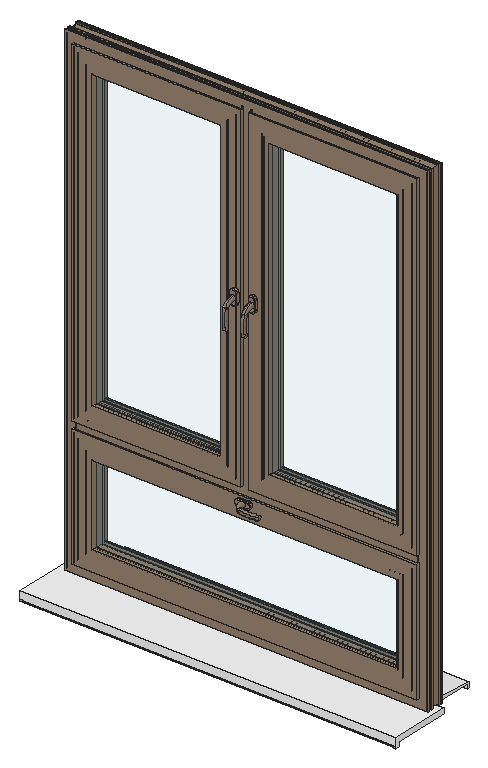
Revit family "7_Окно двухстворчатое с горизонтальным импостом (2 створки сверху)_V72", category Окна, Revit 2019
Family settings
  Основа = Стена
  Номер OmniClass = 23.30.20.17.11
  Заголовок OmniClass = Fixed Windows
  Всегда вертикально = Да
  При загрузке вырезать с полостями = Нет
  Общий = Нет
  Точка расчета площади = Нет
Parameters (values of type "V72")
  Ширина створки прав [instance] = 750.00 mm
  Ширина створки лев [instance] = 750.00 mm
  Width [instance] = 0.00 mm  # constant formula
  Четверть.Ширина [instance] = 65.00 mm
  Четверть.Высота [instance] = 65.00 mm
  Четверть Правая.Видимость [instance] = yes
  Четверть Правая [instance] = if(and(Четверть Правая.Видимость, Четверть), Четверть.Ширина, 0.00 mm)  # 65.00 mm
  Четверть Левая.Видимость [instance] = yes
  Четверть Левая [instance] = if(and(Четверть Левая.Видимость, Четверть), Четверть.Ширина, 0.00 mm)  # 65.00 mm
  Четверть [instance] = yes
  Четверть.Верхняя [instance] = if(Четверть, Четверть.Высота, 0.00 mm)  # 65.00 mm
  Монтажный зазор. Передний [instance] = 10.00 mm
  Монтаж.зазор Низ [instance] = 40.00 mm
  Монтажный зазор.Верх [instance] = 25.00 mm
  VIDNAL_Ширина проема [instance] = ADSK_Ширина рамы + Монтажный зазор.Правый + Монтажный зазор.Левый  # 1550.00 mm
  VIDNAL_Цвет конструкции = ""
  VIDNAL_Фурнитура [instance] = ""
  VIDNAL_Формула стеклопакета [instance] = ""
  VIDNAL_Толщина стеклопакета [instance] = ""
  VIDNAL_Сопротивление ветровой нагрузке = ""
  VIDNAL_Система профилей [instance] = "V72"  # constant formula
  VIDNAL_Площадь изделия [instance] = ADSK_Ширина рамы * ADSK_Высота рамы  # 3.00 m²
  VIDNAL_Звукоизоляция [instance] = ""
  VIDNAL_Высота проема [instance] = ADSK_Высота рамы + Монтажный зазор.Верх + Монтаж.зазор Низ  # 2065.00 mm
  VIDNAL_Створка высота [instance] = 500.00 mm
  Глубина профиля [instance] = 72.00 mm
  Rough Width = 0.00 mm  # constant formula
  Rough Height = 0.00 mm  # constant formula
  Подоконник.Видимость [instance] = yes
  Подоконник = АС_Окна_ПВХСветлосерыйМатовый
  Отлив.Видимость [instance] = yes
  Откосы.Глубина [instance] = 150.00 mm
  Описание = "Окно"
  Обозначение = "ГОСТ 21519-2003"
  Наименование = ""
  Монтажный зазор.Правый [instance] = if(Четверть Правая.Видимость, Монтажный зазор.Боковой, 0.00 mm)  # 25.00 mm
  Монтажный зазор.Левый [instance] = if(Четверть Левая.Видимость, Монтажный зазор.Боковой, 0.00 mm)  # 25.00 mm
  Монтажный зазор.Боковой [instance] = 25.00 mm
  Марка проема [instance] = ""
  Model = ""
  Стекло = АС_Стекло
  Рама = Aluminum
  Отлив = АС_Металл_ОкрашенныйБелыйМатовый
  Type Comments = ""
  Assembly Code = ""
  Высота подоконника по умолчанию = 800.00 mm
  Wall Closure = (empty or 0)
  Height [instance] = 0.00 mm  # constant formula
  Аналитическая конструкция = "<Нет>"
  VIDNAL_Возухопроницаемость [instance] = ""
  VIDNAL_Водонепроницаемость [instance] = ""
  VIDNAL_Rприв. профиля со стеклопакетом [instance] = ""
  ADSK_Ширина рамы [instance] = 1500.00 mm
  ADSK_Позиция [instance] = ""
  ADSK_Завод-изготовитель [instance] = "VIDNAL"  # constant formula
  ADSK_Высота рамы [instance] = 2000.00 mm
Reference planes
  plane 1 "ПД": y = -40
  plane 2: z = 0
  plane 3 "Слева": x = -988.1
  plane 4 "Справа": x = 561.9
  plane 5 "Подоконник": z = 800
  plane 6 "ВЕРХ": z = 2865
  plane 7 "Внутренняя": y = -190
  plane 8 "Вставка окна": y = 32
  plane 9 "четверть прав": x = 496.9
  plane 10 "четверть верх": z = 2800
  plane 11 "рама лев": x = -963.1
  plane 12 "рама прав": x = 536.9
  plane 13 "рама верх": z = 2840
  plane 14: y = -240
  plane 15 "Подоконник, отлив": y = 12
  plane 16: y = 190
  plane 17 "отлив прав": y = 220
  plane 18 "TT": y = 42
  plane 19 "ось импоста гор": z = 1392.498
  plane 20 "рама низ": z = 840
  plane 21 "створка лев": x = -925.852
  plane 22 "низ створки ниж": z = 877.248
  plane 23 "верх створки ниж": z = 1377.248
  plane 24 "створка прав": x = 499.652
  plane 25 "низ створки верхней": z = 1407.748
  plane 26 "верх створки верхн": z = 2802.752
  plane 27 "четверть левая": x = -923.1
  plane 28 "уровень отлива": z = 820
  plane 29 "импост низ": z = 1408.748
  plane 30 "импост верх": z = 2814.75
  plane 31: x = -213.1
  plane 32: x = -228.35
  plane 33: x = -197.85
Forms (mm)
  Extrusion 1, void, detail levels medium+fine
    sketch origin (0, 42, 0) x (0, 0, 1) y (-1, 0, 0)
      loop
        line (2865, -561.9) -> (2865, 988.1) -> (800, 988.1) -> (800, -561.9) -> (2865, -561.9)
    from 0 to 1000
  Extrusion 2, void
    sketch origin (0, 32, 0) x (0, 0, -1) y (-1, 0, 0)
      loop
        line (-2800, -496.9) -> (-800, -496.9) -> (-800, 923.1) -> (-2800, 923.1) -> (-2800, -496.9)
    from -100 to 500
  Sweep 3, solid, material "Aluminum" <- "Рама"
    path origin (0, 32, -30) x (0, 0, -1) y (-1, 0, 0)
      loop
        line (-2870, 963.1) -> (-2870, -536.9) -> (-870, -536.9) -> (-870, 963.1) -> (-2870, 963.1)
    profile "Профиль рамы V72 (R19) : Профиль рамы V72 (R19)" origin (-963.1, 32, 1840) x (-1, 0, 0) y (0, 1, 0)
      loop
        line (-37.021, -25.058) -> (-7.134, -25.058) -> (-7.134, -14) -> (-37.021, -14) -> (-37.021, -25.058)
      loop
        line (-37.021, -48) -> (-7.134, -48) -> (-7.134, -39.591) -> (-37.021, -39.591) -> (-37.021, -48)
      loop
        line (-37.021, -38.383) -> (-7.134, -38.383) -> (-7.134, -26.243) -> (-37.021, -26.243) -> (-37.021, -38.383)
      loop
        line (-7, -12.3) -> (-7, -1.5) -> (-37.498, -1.5) -> (-37.498, -12.3) -> (-7, -12.3)
      loop
        line (-6.748, -70.25) -> (-6.748, -49.75) -> (-37.248, -49.75) -> (-37.248, -70.25) -> (-6.748, -70.25)
      loop
        line (0.002, -72) -> (0.002, -67.879) -> (-1.998, -67.879) -> (-1.998, -70.25) -> (-4.998, -70.25) -> (-4.998, -52) -> (-1.998, -52) -> (-1.998, -53.5) -> (0.002, -53.5) -> (0.002, -48) -> (-1.998, -48) -> (-1.998, -50.25) -> (-4.996, -50.25) -> (-4.996, -13.988) -> (-1.997, -14) -> (-1.997, -15.5) -> (0.003, -15.5) -> (0.003, -11.5) -> (-1.497, -11.5) -> (-1.497, -12.5) -> (-5, -12.5) -> (-5, -1.5) -> (-1.5, -1.5) -> (-1.5, -2.5) -> (0, -2.5) -> (0, 0) -> (-65.998, 0) -> (-65.998, -4.2) -> (-58.998, -4.2) -> (-58.998, -1.5) -> (-38.998, -1.5) -> (-38.998, -12.5) -> (-41.998, -12.5) -> (-41.998, -10.908) -> (-43.998, -10.908) -> (-43.998, -15.5) -> (-41.998, -15.5) -> (-41.998, -14) -> (-38.998, -14) -> (-38.998, -50.25) -> (-41.998, -50.25) -> (-41.998, -48.52) -> (-43.998, -48.5) -> (-43.998, -53.5) -> (-41.998, -53.5) -> (-41.998, -52) -> (-38.998, -52) -> (-38.998, -70.25) -> (-41.998, -70.25) -> (-41.998, -67.978) -> (-43.998, -67.978) -> (-43.998, -72) -> (0.002, -72)
  Sweep 4, solid, material "Aluminum" <- "Рама"
    path origin (0, 32, 0) x (0, 0, -1) y (-1, 0, 0)
      loop
        line (-1392.498, 928.852) -> (-1392.498, -502.652)
    profile "Профиль импоста : Профиль импоста" origin (-213.1, 32, 1392.498) x (0, 0, -1) y (0, 1, 0)
      loop
        line (-15.25, -10) -> (-15.25, -48) -> (15.25, -48) -> (15.25, -10) -> (-15.25, -10)
      loop
        line (-15.25, -49.75) -> (-15.25, -70.25) -> (15.25, -70.25) -> (15.25, -49.75) -> (-15.25, -49.75)
      loop
        line (-15.25, -1.75) -> (-15.25, -8.25) -> (15.25, -8.25) -> (15.25, -1.75) -> (-15.25, -1.75)
      loop
        line (-44, 0) -> (-44, -4.2) -> (-35.5, -4.2) -> (-35.5, -1.5) -> (-17, -1.5) -> (-17, -8.5) -> (-20, -8.5) -> (-20, -7.5) -> (-22, -7.5) -> (-22, -11.5) -> (-20, -11.5) -> (-20, -10) -> (-17, -10) -> (-17, -14.231) -> (-20.5, -14.231) -> (-20.5, -18.313) -> (-18.5, -18.313) -> (-18.5, -16.063) -> (-17, -16.063) -> (-17, -33.174) -> (-18.5, -33.174) -> (-18.5, -30.924) -> (-20.5, -30.924) -> (-20.5, -35.006) -> (-17, -35.006) -> (-17, -50.25) -> (-20, -50.25) -> (-20, -48) -> (-22, -48) -> (-22, -54.8) -> (-20, -54.8) -> (-20, -52.31) -> (-17, -52.31) -> (-17, -70.25) -> (-20, -70.25) -> (-20, -66.8) -> (-22, -66.8) -> (-22, -72) -> (22, -72) -> (22, -66.8) -> (20, -66.8) -> (20, -70.25) -> (17, -70.25) -> (17, -52.31) -> (20, -52.31) -> (20, -54.8) -> (22, -54.8) -> (22, -48) -> (20, -48) -> (20, -50.25) -> (17, -50.25) -> (17, -35.006) -> (20.5, -35.006) -> (20.5, -30.924) -> (18.5, -30.924) -> (18.5, -33.174) -> (17, -33.174) -> (17, -16.063) -> (18.5, -16.063) -> (18.5, -18.313) -> (20.5, -18.313) -> (20.5, -14.231) -> (17, -14.231) -> (17, -10) -> (20, -10) -> (20, -11.5) -> (22, -11.5) -> (22, -7.5) -> (20, -7.5) -> (20, -8.5) -> (17, -8.5) -> (17, -1.5) -> (35.5, -1.5) -> (35.5, -4.2) -> (44, -4.2) -> (44, 0) -> (-44, 0)
  Extrusion 5, solid, material "АС_Окна_ПВХСветлосерыйМатовый" <- "Подоконник", visible <- "Подоконник.Видимость"
    sketch origin (906.9, -410, 45) x (0, 0, 1) y (0, -1, 0)
      loop
        line (795, -422) -> (795, -170) -> (762, -170)
        arc (762, -170) -> (757.05, -172.05) -> (755, -177) r 7
        line (755, -177) -> (755, -188.375) -> (775, -188.375) -> (775, -422) -> (795, -422)
    from -345 to -1895
  Extrusion 6, solid, visible <- "Отлив.Видимость"
    sketch origin (-918.1, 42.774, 211.776) x (0, 1, 0) y (0, 0, 1)
      loop
        line (-30.774, 608.224) -> (172.226, 608.224) -> (172.226, 588.224) -> (177.226, 588.224) -> (177.226, 611.937) -> (-30.774, 625.05) -> (-30.774, 608.224)
    from -5 to 1415
  Sweep 7, solid, material "Aluminum" <- "Рама"
    path origin (1761.4, 32, 2887.6) x (1, 0, 0) y (0, 0, -1)
      loop
        line (-1974.5, 1478.852) -> (-1974.5, 72.85)
    profile "Профиль импоста : Профиль импоста" origin (-213.1, 32, 2111.749) x (1, 0, 0) y (0, 1, 0)
      loop
        line (-15.25, -10) -> (-15.25, -48) -> (15.25, -48) -> (15.25, -10) -> (-15.25, -10)
      loop
        line (-15.25, -49.75) -> (-15.25, -70.25) -> (15.25, -70.25) -> (15.25, -49.75) -> (-15.25, -49.75)
      loop
        line (-15.25, -1.75) -> (-15.25, -8.25) -> (15.25, -8.25) -> (15.25, -1.75) -> (-15.25, -1.75)
      loop
        line (-44, 0) -> (-44, -4.2) -> (-35.5, -4.2) -> (-35.5, -1.5) -> (-17, -1.5) -> (-17, -8.5) -> (-20, -8.5) -> (-20, -7.5) -> (-22, -7.5) -> (-22, -11.5) -> (-20, -11.5) -> (-20, -10) -> (-17, -10) -> (-17, -14.231) -> (-20.5, -14.231) -> (-20.5, -18.313) -> (-18.5, -18.313) -> (-18.5, -16.063) -> (-17, -16.063) -> (-17, -33.174) -> (-18.5, -33.174) -> (-18.5, -30.924) -> (-20.5, -30.924) -> (-20.5, -35.006) -> (-17, -35.006) -> (-17, -50.25) -> (-20, -50.25) -> (-20, -48) -> (-22, -48) -> (-22, -54.8) -> (-20, -54.8) -> (-20, -52.31) -> (-17, -52.31) -> (-17, -70.25) -> (-20, -70.25) -> (-20, -66.8) -> (-22, -66.8) -> (-22, -72) -> (22, -72) -> (22, -66.8) -> (20, -66.8) -> (20, -70.25) -> (17, -70.25) -> (17, -52.31) -> (20, -52.31) -> (20, -54.8) -> (22, -54.8) -> (22, -48) -> (20, -48) -> (20, -50.25) -> (17, -50.25) -> (17, -35.006) -> (20.5, -35.006) -> (20.5, -30.924) -> (18.5, -30.924) -> (18.5, -33.174) -> (17, -33.174) -> (17, -16.063) -> (18.5, -16.063) -> (18.5, -18.313) -> (20.5, -18.313) -> (20.5, -14.231) -> (17, -14.231) -> (17, -10) -> (20, -10) -> (20, -11.5) -> (22, -11.5) -> (22, -7.5) -> (20, -7.5) -> (20, -8.5) -> (17, -8.5) -> (17, -1.5) -> (35.5, -1.5) -> (35.5, -4.2) -> (44, -4.2) -> (44, 0) -> (-44, 0)
Cuts and joins
  joined: Sweep 3, Sweep 4, Sweep 7
Lines and regions (mm)
  Masking region 1
    outline origin (0, 0, 0) x (1, 0, 0) y (0, 1, 0)
      loop
        line (-988.1, 12) -> (-988.1, -190) -> (561.9, -190) -> (561.9, 12) -> (-988.1, 12)
  symbolic lines, style "WindowsFrameMullionProjection", detail levels fine
    curve 1: line (-163.1, 32, 800) -> (-163.1, -40, 800)
    curve 3: line (-163.1, -40, 840) -> (-163.1, 32, 840)
    curve 5: line (-163.1, 32, 2865) -> (-163.1, -40, 2865)
    curve 7: line (-163.1, -40, 2840) -> (-163.1, 32, 2840)
  symbolic lines, style "WindowsFrameMullionProjection"
    curve 2: line (-163.1, 32, 840) -> (-163.1, 32, 800)
    curve 4: line (-163.1, -40, 800) -> (-163.1, -40, 840)
    curve 6: line (-163.1, 32, 2840) -> (-163.1, 32, 2865)
    curve 8: line (-163.1, -40, 2865) -> (-163.1, -40, 2840)
    curve 11: line (-988.1, 32, 0) -> (-988.1, -40, 0)
    curve 12: line (561.9, 32, 0) -> (561.9, -40, 0)
  symbolic lines, style "WindowsFrameMullionProjection", detail levels coarse
    curve 9: line (561.9, 32, 2865) -> (561.9, 32, 800)
    curve 10: line (561.9, -40, 2865) -> (561.9, -40, 800)
  model lines
    curve 13: line (-988.1, 12, 800) -> (-988.1, 12, 840)
    curve 14: line (561.9, 12, 800) -> (-988.1, 12, 800)
    curve 15: line (561.9, 12, 840) -> (561.9, 12, 800)
Text (mm)
  text "Наружный" at (-2011.448, 646.123, 0), in view "Линия этажа"
  text "Внутренний" at (-2011.448, -562.523, 0), in view "Линия этажа"
  text "Наружный" at (0, 1108.87, 3415.022), in view "Слева"
  text "Наружный" at (0, 464.664, 3176.206), in view "Справа"
Dimensions and locks
  plane 3 "Слева" to plane 4 "Справа" = 1550.00 mm
  "Монтажный зазор.Правый": plane 12 "рама прав" to plane 4 "Справа"
  plane 5 "Подоконник" to plane 5 "Подоконник" = 0.00 mm
  "Высота подоконника по умолчанию": plane 5 "Подоконник" to plane 2
  "Четверть.Верхняя": plane 10 "четверть верх" to plane 6 "ВЕРХ"
  "ADSK_Ширина рамы": plane 11 "рама лев" to plane 12 "рама прав"
  "Четверть Правая": plane 9 "четверть прав" to plane 4 "Справа"
  "Глубина профиля": plane 8 "Вставка окна" to plane 1 "ПД"
  "Откосы.Глубина": plane 1 "ПД" to plane 7 "Внутренняя"
  locked: plane 14 to plane 7 "Внутренняя" at 50
  "Монтажный зазор.Левый": plane 3 "Слева" to plane 11 "рама лев"
  "Монтажный зазор.Верх": plane 13 "рама верх" to plane 6 "ВЕРХ"
  locked: plane 8 "Вставка окна" to plane 15 "Подоконник, отлив" at 20
  plane 18 "TT" to plane 8 "Вставка окна" = 10.00 mm
  "Монтаж.зазор Низ": plane 20 "рама низ" to plane 5 "Подоконник"
  plane 11 "рама лев" to plane 21 "створка лев" = 37.248 mm
  "VIDNAL_Створка высота": plane 23 "верх створки ниж" to plane 22 "низ створки ниж"
  locked: plane 22 "низ створки ниж" to plane 20 "рама низ" at 37.248
  locked: plane 19 "ось импоста гор" to plane 23 "верх створки ниж" at 15.25
  locked: plane 24 "створка прав" to plane 12 "рама прав" at 37.248
  "ADSK_Высота рамы": plane 13 "рама верх" to plane 20 "рама низ"
  plane 25 "низ створки верхней" to plane 19 "ось импоста гор" = 15.25 mm
  locked: plane 13 "рама верх" to plane 26 "верх створки верхн" at 37.248
  "Четверть Левая": plane 3 "Слева" to plane 27 "четверть левая"
  "Монтажный зазор. Передний": plane 8 "Вставка окна" to plane 18 "TT"
  locked: plane 20 "рама низ" to plane 28 "уровень отлива" at 20
  Extrusion 5 sketch curve to Extrusion 5 sketch curve = 40.00 mm
  Extrusion 5 sketch curve to Extrusion 5 sketch curve = 20.00 mm
  plane 16 to plane 17 "отлив прав" = 30.00 mm
  locked: Extrusion 6 to Extrusion 6 at 5
  plane 13 "рама верх" to plane 30 "импост верх" = 25.25 mm
  "Ширина створки лев": plane 11 "рама лев" to plane 31
  "Ширина створки прав": plane 31 to plane 12 "рама прав"
  locked: plane 32 to plane 31 at 15.25
  locked: plane 31 to plane 33 at 15.25
  aligned and locked: plane 7 "Внутренняя" to host wall
  aligned and locked: plane 9 "четверть прав" to Extrusion 2 sketch curve
  aligned and locked: Extrusion 2 sketch curve to plane 10 "четверть верх"
  aligned and locked: plane 5 "Подоконник" to Extrusion 2 sketch curve
  aligned: Extrusion 2 sketch curve to plane 3 "Слева"
  aligned and locked: curve 1 to plane 5 "Подоконник"
  aligned and locked: curve 2 to plane 8 "Вставка окна"
  aligned and locked: curve 4 to plane 1 "ПД"
  aligned and locked: curve 5 to plane 6 "ВЕРХ"
  aligned and locked: plane 8 "Вставка окна" to curve 6
  aligned and locked: curve 7 to plane 13 "рама верх"
  aligned and locked: plane 1 "ПД" to curve 8
  aligned and locked: plane 4 "Справа" to curve 12
  aligned and locked: level to plane 2
  aligned and locked: plane 12 "рама прав" to Sweep 3 sketch curve
  aligned and locked: plane 11 "рама лев" to Sweep 3 sketch curve
  aligned and locked: Masking region 1 sketch curve to plane 3 "Слева"
  aligned and locked: plane 7 "Внутренняя" to Masking region 1 sketch curve
  aligned and locked: plane 4 "Справа" to Masking region 1 sketch curve
  aligned and locked: Sweep 4 sketch curve to plane 19 "ось импоста гор"
  aligned and locked: nested 1 to plane 8 "Вставка окна"
  aligned and locked: plane 13 "рама верх" to Sweep 3 sketch curve
  aligned and locked: Sweep 3 sketch curve to plane 20 "рама низ"
  aligned and locked: plane 27 "четверть левая" to Extrusion 2 sketch curve
  aligned and locked: plane 15 "Подоконник, отлив" to Masking region 1 sketch curve
  aligned and locked: Extrusion 5 to plane 15 "Подоконник, отлив"
  aligned and locked: Extrusion 5 to plane 14
  aligned and locked: Extrusion 5 to plane 4 "Справа"
  aligned and locked: plane 3 "Слева" to Extrusion 5
  aligned and locked: plane 17 "отлив прав" to Extrusion 6
  aligned and locked: plane 15 "Подоконник, отлив" to Extrusion 6
  aligned and locked: plane 27 "четверть левая" to Extrusion 6
  aligned and locked: Extrusion 6 to plane 9 "четверть прав"
  aligned and locked: plane 29 "импост низ" to Sweep 7 sketch curve
  aligned and locked: plane 30 "импост верх" to Sweep 7 sketch curve
  aligned and locked: plane 31 to Sweep 7 sketch curve
  aligned and locked: nested 2 to plane 1 "ПД"
  aligned and locked: nested 2 to cut or joined group of Sweep 3, Sweep 4, Sweep 7
  aligned and locked: nested 1 to cut or joined group of Sweep 3, Sweep 4, Sweep 7
  aligned and locked: plane 22 "низ створки ниж" to nested 1
  aligned and locked: plane 23 "верх створки ниж" to nested 1
  aligned and locked: plane 25 "низ створки верхней" to nested 2
  aligned and locked: plane 25 "низ створки верхней" to nested 3
  aligned and locked: plane 33 to nested 3
  aligned and locked: plane 32 to nested 2
  aligned and locked: plane 26 "верх створки верхн" to nested 2
  aligned and locked: plane 26 "верх створки верхн" to nested 3
  aligned and locked: plane 24 "створка прав" to nested 3
  aligned and locked: plane 21 "створка лев" to nested 2
Automatic sketch dimensions
  plane 4 "Справа" to Extrusion 1 sketch curve = 0.00 mm
  Extrusion 1 sketch curve to plane 5 "Подоконник" = 0.00 mm
  Extrusion 1 sketch curve to plane 6 "ВЕРХ" = 0.00 mm
  plane 3 "Слева" to Extrusion 1 sketch curve = 0.00 mm
  plane 1 "ПД" to curve 11 = 0.00 mm
  curve 11 to plane 3 "Слева" = 0.00 mm
  plane 1 "ПД" to curve 12 = 0.00 mm
  curve 12 to plane 8 "Вставка окна" = 0.00 mm
  curve 11 to plane 8 "Вставка окна" = 0.00 mm
  curve 6 to plane 8 "Вставка окна" = 0.00 mm
  curve 3 to plane 20 "рама низ" = 0.00 mm
  plane 5 "Подоконник" to curve 9 = 0.00 mm
  curve 9 to plane 8 "Вставка окна" = 0.00 mm
  curve 10 to plane 1 "ПД" = 0.00 mm
  plane 5 "Подоконник" to curve 10 = 0.00 mm
  plane 6 "ВЕРХ" to curve 10 = 0.00 mm
  plane 6 "ВЕРХ" to curve 9 = 0.00 mm
  plane 4 "Справа" to curve 15 = 0.00 mm
  curve 15 to plane 5 "Подоконник" = 0.00 mm
  curve 15 to plane 20 "рама низ" = 0.00 mm
  plane 3 "Слева" to curve 13 = 0.00 mm
  curve 13 to plane 20 "рама низ" = 0.00 mm
  plane 5 "Подоконник" to Extrusion 5 sketch curve = 0.00 mm
  Extrusion 5 sketch curve to plane 14 = 0.00 mm
  Extrusion 5 sketch curve to plane 15 "Подоконник, отлив" = 0.00 mm
  Extrusion 5 sketch curve to plane 5 "Подоконник" = 7.00 mm
  Extrusion 5 sketch curve to Extrusion 5 sketch curve = 11.375 mm
  Extrusion 6 sketch curve to plane 15 "Подоконник, отлив" = 0.00 mm
  Extrusion 6 sketch curve to plane 28 "уровень отлива" = 0.00 mm
  plane 5 "Подоконник" to Extrusion 6 sketch curve = 0.00 mm
  Extrusion 6 sketch curve to plane 17 "отлив прав" = 0.00 mm
  plane 17 "отлив прав" to Extrusion 6 sketch curve = 5.00 mm
  plane 28 "уровень отлива" to Extrusion 6 sketch curve = 3.713 mm
  Extrusion 6 sketch curve to plane 20 "рама низ" = 3.174 mm
  Sweep 4 sketch curve to plane 21 "створка лев" = 3.00 mm
  plane 24 "створка прав" to Sweep 4 sketch curve = 3.00 mm
Nested families
  nested 1: "СТВОРКА V72" at (-925.852, 32, 877.248), type "Фрамуга с верхним откидыванием"
    with Створка.Ширина 1425.505 mm, Створка.Высота 500.00 mm
  nested 2: "СТВОРКА V72" at (-925.852, 32, 1407.748), type "Поворотно-откидная лево"
    with Створка.Ширина 697.502 mm, Створка.Высота 1395.005 mm
  nested 3: "СТВОРКА V72" at (-197.85, 32, 1407.748), type "Поворотно-откидная право"
    with Створка.Ширина 697.502 mm, Створка.Высота 1395.005 mm
Definition of nested family "СТВОРКА V72"
  Parameters (values of type "Фрамуга с верхним откидыванием")
    отк нз = no
    отк лев = no
    отк ввер = yes
    от пр = no
    Стекло = none
    Створка.Ширина [instance] = 600.00 mm
    Створка.Высота [instance] = 891.00 mm
    Створка VIDNAL = none
    Ручка.Справа = no
    Ручка.Снизу = no
    Ручка.Слева = no
    Ручка.Сверху = yes
    Открытие = not(Глухая)  # yes
    Глухая = no
    Габариты заполнения = 0.00 mm
    Analytic Construction = "<Нет>"
  Types (7, lengths in mm): name | отк нз | отк лев | отк ввер | от пр | Створка.Высота | Ручка.Справа | Ручка.Снизу | Ручка.Слева | Ручка.Сверху
    Глухая | no | no | yes | no | 891.00 | no | no | no | yes
    Поворотная право | no | no | no | yes | 900.00 | no | no | yes | no
    Поворотная лево | no | yes | no | no | 900.00 | yes | no | no | no
    Поворотно-откидная лево | no | yes | yes | no | 900.00 | yes | no | no | no
    Поворотно-откидная право | no | no | yes | yes | 900.00 | no | no | yes | no
    Фрамуга с нижним откидыванием | yes | no | no | no | 900.00 | no | yes | no | no
    Фрамуга с верхним откидыванием | no | no | yes | no | 891.00 | no | no | no | yes
  Reference planes
    plane 1 "Center (Front/Back)": y = 0
    plane 2 "Bottom": z = 0
    plane 3 "Left": x = 0
    plane 4 "Right": x = 600
    plane 5 "Top": z = 891
    plane 6: z = 445.5
    plane 7: x = 300
    plane 8: x = 0
    plane 9: x = 600
    plane 10: y = -17.2
    plane 11: y = -57.2
    plane 12: z = 891
    plane 13: z = 0
    plane 14: y = -81
    plane 15: y = -17.2
  Forms (mm)
    Extrusion 1, solid, material <- "Стекло"
      sketch origin (160, -17.2, 825.5) x (0, 0, -1) y (-1, 0, 0)
        loop
          line (825.5, 160) -> (-65.5, 160) -> (-65.5, -440) -> (825.5, -440) -> (825.5, 160)
      from -40 to 0
    Sweep 2, solid, material <- "Створка VIDNAL", visible <- "Открытие"
      path origin (0, 0, 0) x (1, 0, 0) y (0, 0, 1)
        loop
          line (0, 891) -> (0, 0) -> (600, 0) -> (600, 891) -> (0, 891)
      profile "Профиль створки V72 : Профиль створки V72" origin (300, 0, 891) x (0, 0, 1) y (0, -1, 0)
        loop
          line (-27.1, 14.3) -> (-57.6, 14.3) -> (-57.6, 1.5) -> (-37, 1.5) -> (-37, 7) -> (-27.1, 7) -> (-27.1, 14.3)
        loop
          line (-57.508, 23.909) -> (-57.508, 16) -> (-31.105, 16) -> (-31.105, 23.909) -> (-57.508, 23.909)
        loop
          line (-57.508, 26.549) -> (-31.105, 26.549) -> (-31.105, 36.954) -> (-57.508, 36.954) -> (-57.508, 26.549)
        loop
          line (-57.514, 39.773) -> (-31.105, 39.773) -> (-31.105, 50) -> (-57.514, 50) -> (-57.514, 39.773)
        loop
          line (-56, 79.25) -> (-59, 79.25) -> (-59, 76.151) -> (-62.7, 76.151) -> (-62.7, 79.6) -> (-81.6, 79.6) -> (-81.6, 65.6) -> (-76, 65.6) -> (-66, 63.8) -> (-59, 63.8) -> (-59, 59) -> (-56, 59) -> (-56, 79.25)
        loop
          line (-18.843, 32.487) -> (-29.504, 32.487) -> (-29.504, 24.689) -> (-18.843, 24.689) -> (-18.843, 32.487)
        loop
          line (-18.87, 44.01) -> (-29.504, 44.01) -> (-29.504, 33.802) -> (-18.87, 33.802) -> (-18.87, 44.01)
        loop
          line (-23.75, 79.25) -> (-54.25, 79.25) -> (-54.25, 58.75) -> (-51.75, 58.75) -> (-51.75, 57) -> (-57.75, 57) -> (-57.75, 51.75) -> (-23.75, 51.75) -> (-23.75, 57) -> (-25.75, 57) -> (-25.75, 58.75) -> (-23.75, 58.75) -> (-23.75, 79.25)
        loop
          line (-3.5, 76.8) -> (-3.5, 72) -> (0, 72) -> (0, 76.8) -> (0, 81) -> (-1, 81) -> (-83.302, 81) -> (-83.302, 61.361) -> (-76, 61.21) -> (-76, 64.381) -> (-66.107, 62.5) -> (-61, 62.5) -> (-61, 57) -> (-59.5, 57) -> (-59.5, 1.5) -> (-75, 1.5) -> (-81.5, 8) -> (-81.5, 13.054) -> (-74.5, 13.054) -> (-74.5, 17.2) -> (-83, 17.2) -> (-83, 7) -> (-76, 0) -> (-35.5, 0) -> (-35.5, 5.5) -> (-28, 5.5) -> (-28, 4.195) -> (-21, 4.195) -> (-21, 5.5) -> (-25.5, 5.5) -> (-25.5, 23.5) -> (-17.5, 23.5) -> (-17.5, 45.156) -> (-25.2, 45.156) -> (-25.2, 50) -> (-17.5, 50) -> (-17.5, 54.5) -> (-19, 54.5) -> (-19, 52) -> (-22, 52) -> (-22, 72) -> (-19, 72) -> (-19, 69.5) -> (-17.5, 69.5) -> (-17.5, 74) -> (-22, 74) -> (-22, 79.25) -> (-7, 79.25) -> (-7, 76.8) -> (-3.5, 76.8)
  Lines and regions (mm)
    symbolic lines, visible <- "Глухая"
      curve 1: line (300, 0, 495.5) -> (300, 0, 395.5)
      curve 2: line (250, 0, 445.5) -> (350, 0, 445.5)
    symbolic lines, visible <- "от пр"
      curve 3: line (583, -75, 874) -> (17, -75, 445.5)
      curve 4: line (17, -75, 445.5) -> (583, -75, 17)
    symbolic lines, visible <- "отк лев"
      curve 5: line (17, -75, 17) -> (583, -75, 445.5)
      curve 6: line (583, -75, 445.5) -> (17, -75, 874)
    symbolic lines, visible <- "отк ввер"
      curve 7: line (17, -75, 17) -> (300, -75, 874)
      curve 8: line (300, -75, 874) -> (583, -75, 17)
    symbolic lines, visible <- "отк нз"
      curve 9: line (17, -75, 874) -> (300, -75, 17)
      curve 10: line (300, -75, 17) -> (583, -75, 874)
  Dimensions and locks
    "Створка.Ширина": plane 4 "Right" to plane 3 "Left"
    "Створка.Высота": plane 5 "Top" to plane 2 "Bottom"
    equal spacing: plane 3 "Left", curve 1, plane 4 "Right"
    equal spacing: plane 5 "Top", curve 2, plane 2 "Bottom"
    curve 1 to curve 2 to curve 1 = 50.00 mm locked, 50.00 mm locked
    curve 2 to curve 1 to curve 2 = 50.00 mm locked, 50.00 mm locked
    equal spacing: plane 5 "Top", plane 6, plane 2 "Bottom"
    equal spacing: plane 4 "Right", plane 7, plane 3 "Left"
    locked: plane 5 "Top" to nested 1 at 23
    "Габариты заполнения": plane 3 "Left" to plane 8
    "Габариты заполнения": plane 9 to plane 4 "Right"
    "Габариты заполнения": plane 13 to plane 2 "Bottom"
    "Габариты заполнения": plane 5 "Top" to plane 12
    locked: nested 4 to plane 2 "Bottom" at 23
    locked: nested 3 to plane 4 "Right" at 23
    locked: plane 3 "Left" to nested 2 at 23
    plane 15 to Extrusion 1 = 40.00 mm
    aligned and locked: level to plane 2 "Bottom"
    aligned and locked: plane 6 to curve 4
    aligned and locked: plane 6 to curve 6
    aligned and locked: plane 7 to curve 8
    aligned and locked: plane 7 to curve 10
    aligned and locked: plane 3 "Left" to Sweep 2 sketch curve
    aligned and locked: plane 4 "Right" to Sweep 2 sketch curve
    aligned and locked: Extrusion 1 to plane 8
    aligned and locked: Extrusion 1 to plane 10
    aligned and locked: Extrusion 1 to plane 11
    aligned and locked: nested 1 to plane 7
    aligned and locked: plane 9 to Extrusion 1
    aligned and locked: plane 12 to Extrusion 1
    aligned and locked: nested 3 to plane 6
    aligned and locked: nested 2 to plane 6
    aligned and locked: plane 7 to nested 4
    aligned and locked: plane 2 "Bottom" to Extrusion 1
    aligned and locked: plane 5 "Top" to plane 12
    aligned and locked: Sweep 2 sketch curve to plane 12
    aligned and locked: Sweep 2 sketch curve to Extrusion 1
  Automatic sketch dimensions
    plane 8 to curve 6 = 17.00 mm
    plane 8 to curve 5 = 17.00 mm
    plane 8 to curve 4 = 17.00 mm
    curve 8 to plane 9 = 17.00 mm
    curve 5 to plane 9 = 17.00 mm
    curve 3 to plane 9 = 17.00 mm
    plane 13 to curve 10 = 17.00 mm
    plane 13 to curve 5 = 17.00 mm
    plane 13 to curve 4 = 17.00 mm
    curve 8 to plane 12 = 17.00 mm
    curve 9 to plane 12 = 17.00 mm
    curve 3 to plane 12 = 17.00 mm
    Extrusion 1 sketch curve to plane 3 "Left" = 0.00 mm
    Extrusion 1 sketch curve to plane 5 "Top" = 0.00 mm
    level to Extrusion 1 sketch curve = 0.00 mm
    plane 4 "Right" to Extrusion 1 sketch curve = 0.00 mm
  Nested families
    nested 1: "Ручка" at (300, -81, 868) x (1, 0, 0) z (0, -1, 0), visible <- "Ручка.Сверху", type "Ручка"
    nested 2: "Ручка" at (23, -81, 445.5) x (0, 0, -1) z (0, -1, 0), visible <- "Ручка.Слева", type "Ручка"
    nested 3: "Ручка" at (577, -81, 445.5) x (0, 0, -1) z (0, -1, 0), visible <- "Ручка.Справа", type "Ручка"
    nested 4: "Ручка" at (300, -81, 23) x (1, 0, 0) z (0, -1, 0), visible <- "Ручка.Снизу", type "Ручка"
  Definition of nested family "Ручка"
    Parameters (values of type "Ручка")
      Default Elevation = 1219.20 mm
      Ручка = none
      Analytic Construction = "<None>"
    Reference planes
      plane 1 "По центру (Вперед/Назад)": y = 0
      plane 2: z = 0
      plane 3 "По центру (Влево/Вправо)": x = 0
    Forms (mm)
      Extrusion 1, solid
        sketch origin (0, 0, 0) x (1, 0, 0) y (0, 1, 0)
          loop
            line (-1219.2, 1219.2) -> (-1219.2, -1219.2) -> (1219.2, -1219.2) -> (1219.2, 1219.2) -> (-1219.2, 1219.2)
        from 0 to -304.8
      Extrusion 2, solid, material <- "Ручка"
        sketch origin (0, 0, 0) x (1, 0, 0) y (0, 1, 0)
          loop
            arc (-18, 14) -> (-32, 0) -> (-18, -14) r 14
            line (-18, -14) -> (18, -14)
            arc (18, -14) -> (32, 0) -> (18, 14) r 14
            line (18, 14) -> (-18, 14)
        from 2 to 10
      SweptBlend 3, solid, material <- "Ручка"
        path origin (0, 0, 0) x (1, 0, 0) y (0, 0, 1)
          loop
            arc (20.682, 50.862) -> (5.492, 34.011) -> (0, 12) r 46.852
        profile origin (20.682, 0, 50.862) x (0.558567, 0, -0.829459) y (0, -1, 0)
          loop
            line (-6, 5.292) -> (-6, -5.292)
            arc (-6, -5.292) -> (8, 0) -> (-6, 5.292) r 8
        end profile origin (0, 0, 12) x (0, -1, 0) y (1, 0, 0)
          loop
            arc (4.359, -9) -> (0, 10) -> (-4.359, -9) r 10
            line (-4.359, -9) -> (4.359, -9)
      Blend 4, solid, material <- "Ручка"
        base sketch origin (0, 0, 10) x (1, 0, 0) y (0, 1, 0)
          loop
            line (-18, -14) -> (18, -14)
            arc (18, -14) -> (32, 0) -> (18, 14) r 14
            line (18, 14) -> (-18, 14)
            arc (-18, 14) -> (-32, 0) -> (-18, -14) r 14
        top sketch origin (0, 0, 10) x (1, 0, 0) y (0, 1, 0)
          loop
            line (-18, -12) -> (18, -12)
            arc (18, -12) -> (30, 0) -> (18, 12) r 12
            line (18, 12) -> (-18, 12)
            arc (-18, 12) -> (-30, 0) -> (-18, -12) r 12
        from 0 to 2
      Blend 5, solid, material <- "Ручка"
        base sketch origin (0, 0, 2) x (1, 0, 0) y (0, 1, 0)
          loop
            line (-18, -14) -> (18, -14)
            arc (18, -14) -> (32, 0) -> (18, 14) r 14
            line (18, 14) -> (-18, 14)
            arc (-18, 14) -> (-32, 0) -> (-18, -14) r 14
        top sketch origin (0, 0, 2) x (1, 0, 0) y (0, 1, 0)
          loop
            line (-18, -12) -> (18, -12)
            arc (18, -12) -> (30, 0) -> (18, 12) r 12
            line (18, 12) -> (-18, 12)
            arc (-18, 12) -> (-30, 0) -> (-18, -12) r 12
        from 0 to -2
      SweptBlend 6, solid, material <- "Ручка"
        path origin (61.806, 0, 18.443) x (1, 0, 0) y (0, 0, 1)
          loop
            arc (-43.225, 31.526) -> (-2.327, 35.833) -> (38.57, 31.526) r 196.318
        profile origin (18.581, 0, 49.97) x (-0.208324, 0, 0.97806) y (0, -1, 0)
          loop
            line (6, -5.292) -> (6, 5.292)
            arc (6, 5.292) -> (-8, 0) -> (6, -5.292) r 8
        end profile origin (100.377, 0, 49.97) x (0.208324, 0, 0.97806) y (0, -1, 0)
          loop
            line (6, -5.292) -> (6, 5.292)
            arc (6, 5.292) -> (-8, 0) -> (6, -5.292) r 8
    Cuts and joins
      joined: Extrusion 2, Blend 4, Blend 5, SweptBlend 6
    Lines and regions (mm)
      symbolic lines
        curve 1: line (-32, 0, 0) -> (32, 0, 0)
        curve 2: line (0, 14, 0) -> (0, -14, 0)
        curve 3: line (-32, 0, 0) -> (32, 0, 0)
    Dimensions and locks
      aligned and locked: plane 2 to Extrusion 1
      aligned and locked: level to Extrusion 1
